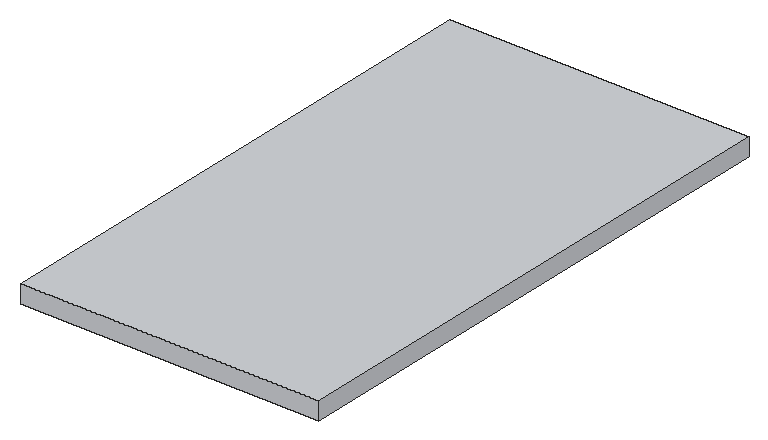
Revit family "TTP - assemblaggio lezione 5", category Modelli generici, Revit 2019
Family settings
  Può ospitare armatura = No
  Quota connettore circolare = Usa diametro
  Tipo di parte = Normale
  Basato su piano di lavoro = No
  Sempre verticale = Sì
  Taglio con vuoti quando caricato = No
  Condiviso = No
  Punto di calcolo locali = No
Parameters
  Spessore = 6 cm
  Profondita = 180 cm
  Lunghezza = 100 cm
  Descrizione commerciale = 0 cm
  Altezza da terra [instance] = 200 cm
Reference planes (cm)
  plane 1 "Centro (Fronte/Retro)": y = 0
  plane 2: z = 0
  plane 3 "Centro (Sinistra/Destra)": x = 0
  plane 4: y = 180
  plane 5: x = 100
  plane 6: z = 206
  plane 7 "sicilia": z = 200
Forms (cm)
  Extrusion 1, solid
    sketch origin (0, 0, 200) x (0, -1, 0) y (1, 0, 0)
      loop
        line (-180, 0) -> (0, 0) -> (0, 100) -> (-180, 100) -> (-180, 0)
    from 0 to 6
Dimensions and locks (cm)
  "Lunghezza": plane 3 "Centro (Sinistra/Destra)" to plane 5
  "Profondita": plane 1 "Centro (Fronte/Retro)" to plane 4
  "Spessore": plane 6 to plane 7 "sicilia"
  "Altezza da terra": plane 7 "sicilia" to plane 2
  aligned and locked: level to plane 2
  aligned and locked: Extrusion 1 sketch curve to plane 4
  aligned and locked: plane 5 to Extrusion 1 sketch curve
  aligned and locked: Extrusion 1 sketch curve to plane 1 "Centro (Fronte/Retro)"
  aligned and locked: plane 3 "Centro (Sinistra/Destra)" to Extrusion 1 sketch curve
  aligned and locked: plane 6 to Extrusion 1
